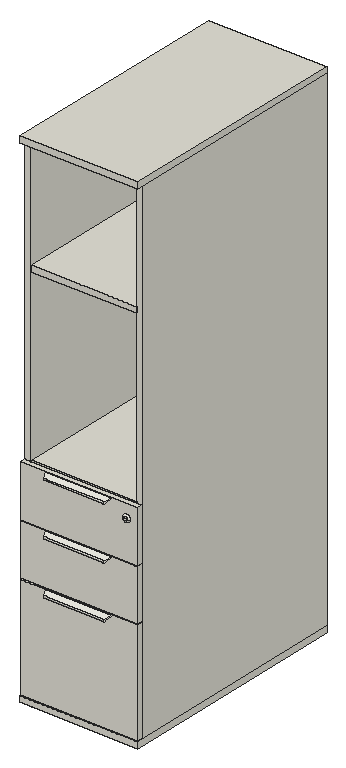
Revit family "Haworth_BeHold_PersonalStorageTower_FrontBookcase_15Wide", category Furniture Systems, Revit 2018
Family settings
  Round Connector Dimension = Use Diameter
  Part Type = Normal
  OmniClass Number = 23.40.70.14.64.21
  OmniClass Title = Systems Furniture
  Work Plane-Based = No
  Always vertical = Yes
  Cut with Voids When Loaded = No
  Shared = No
  Room Calculation Point = No
Parameters (values of type "B/B/F - 30d 65h - Inset Back")
  With Lock = yes
  Wing Pull Length = 8 5/16"  # constant formula
  Wing Pull = yes
  Warranty = "http://www.haworth.com/resources/product-info/warranties"
  URL - Product = "https://www.haworth.com/na/en/products/active-storage/be-hold.html"
  URL = "www.haworth.com"
  Trim Finish [instance] = Haworth _ Paint _ Smooth Plaster
  Total Drawer Height = Storage Height - Bottom Case Offset - Case Thickness - 1/4"  # 26 1/2"
  Top Thickness = 3/4"  # constant formula
  Top Drawer Height = if(Box Box File, Middle Drawer Height, Bottom Drawer Height)  # 6 9/16"
  Top Case Back Control = if(Proud Style, 0", 3/16")  # 3/16"
  Sustainability Info = "https://www.haworth.com/company-info/sustainability"
  Storage Height = 28"  # constant formula
  Standard Heights = "41, 49, 57, 65 in."  # constant formula
  Size = "Verify Final Dim. w/ Haworth"  # constant formula
  Side Case Back Control = if(Proud Style, Case Thickness, 0")  # 0"
  Shelf 2 Offset = if(Actual Height = 65", 49", if(Actual Height = 57", 41", 32 5/16"))  # 49"
  Shelf 2 Control = Actual Height > 41"  # yes
  Shelf 1 Offset = Storage Height - Bottom Case Offset - Case Thickness  # 26 3/4"
  Right Panel Finish [instance] = Haworth _ Laminate _ Beige H-34
  Right Panel Edge Finish [instance] = Haworth _ Laminate _ Beige H-34
  Revision Number = "1"  # constant formula
  Pull Finish [instance] = Haworth _ Paint _ Smooth Plaster
  Proud Style = not(Inset Style)  # no
  Model = "Haworth Be_Hold"  # constant formula
  Min. Width = 15"  # constant formula
  Min. Height = 41"  # constant formula
  Min. Depth = 18"  # constant formula
  Middle Drawer Height = (Total Drawer Height - Distance Between Drawer) / 4  # 6 9/16"
  Left Panel Finish [instance] = Haworth _ Laminate _ Beige H-34
  Left Panel Edge Finish [instance] = Haworth _ Laminate _ Beige H-34
  Height = 65"
  File File = no
  Bottom Drawer Offset = Bottom Case Offset + Case Thickness + 1/8"  # 1 3/8"
  Bottom Drawer Height = (Total Drawer Height - Distance Between Drawer) / 2  # 13 1/8"
  Back Case Back Control = if(Proud Style, 0", 3/16")  # 3/16"
  Actual Height = if(Height > Max. Height, Max. Height, if(Height < Min. Height, Min. Height, Height))  # 65"
  3 Drawer Control = Box Box File  # yes
  Max. Width = 15"  # constant formula
  Max. Depth = 30"  # constant formula
  Max. Height = 65"  # constant formula
  Manufacturer = "Haworth"  # constant formula
  Linear Pull Length = 7 1/2"  # constant formula
  Linear Pull = no
  Inset Style = yes
  Glide Finish = Haworth _ Polymer _ Slate
  Front Finish [instance] = Haworth _ Laminate _ Beige H-34
  Front Edge Finish [instance] = Haworth _ Laminate _ Beige H-34
  Drawer Width = Actual Width - 1/8"  # 14 7/8"
  Distance Between Drawer = if(Box Box File, 1/4", 1/8")  # 1/4"
  Description = "Haworth - Be_Hold - Personal Storage Tower - Front Bookcase"  # constant formula
  Depth = 30"
  Custom Size = not(and(or(Depth = 18", Depth = 24", Depth = 30"), or(Height = 41", Height = 49", Height = 57", Height = 65")))  # no
  Cresent Pull = no
  Classic Pull Length = 7 1/2"  # constant formula
  Classic Pull = no
  Case Thickness = 3/4"  # constant formula
  Case Finish [instance] = Haworth _ Laminate _ Beige H-34
  Case Edge Finish [instance] = Haworth _ Laminate _ Beige H-34
  Box Box File = not(File File)  # yes
  Bottom Case Offset = 1/2"  # constant formula
  Blade Pull Length = Drawer Width - 1/16"  # 14 13/16"
  Blade Pull = not(or(Cresent Pull, Linear Pull, Classic Pull, Wing Pull))  # no
  Back Case Side Control = if(Proud Style, 0", Case Thickness)  # 3/4"
  Author = "Haworth (Alias)"  # constant formula
  Assembly Code = "E2020200"
  Actual Width = 15"  # constant formula
  Actual Depth = if(Depth > Max. Depth, Max. Depth, if(Depth < Min. Depth, Min. Depth, Depth))  # 30"
  Standard Depths = "18, 24, 30 in."  # constant formula
Types (8): name | Top Drawer Height | Top Case Back Control | Side Case Back Control | Shelf 2 Offset | Shelf 2 Control | Proud Style | Middle Drawer Height | Height | File File | Bottom Drawer Height | Back Case Back Control | Actual Height | 3 Drawer Control | Inset Style | Distance Between Drawer | Depth | Box Box File | Back Case Side Control | Actual Depth
  B/B/F - 30d 65h - Inset Back | 6 9/16" | 3/16" | 0" | 49" | yes | no | 6 9/16" | 65" | no | 13 1/8" | 3/16" | 65" | yes | yes | 1/4" | 30" | yes | 3/4" | 30"
  B/B/F - 24d 57h - Inset Back | 6 9/16" | 3/16" | 0" | 41" | yes | no | 6 9/16" | 57" | no | 13 1/8" | 3/16" | 57" | yes | yes | 1/4" | 24" | yes | 3/4" | 24"
  B/B/F - 24d 49h - Inset Back | 6 9/16" | 3/16" | 0" | 32 5/16" | yes | no | 6 9/16" | 49" | no | 13 1/8" | 3/16" | 49" | yes | yes | 1/4" | 24" | yes | 3/4" | 24"
  B/B/F - 18d 41h - Inset Back | 6 9/16" | 3/16" | 0" | 32 5/16" | no | no | 6 9/16" | 41" | no | 13 1/8" | 3/16" | 41" | yes | yes | 1/4" | 18" | yes | 3/4" | 18"
  F/F - 30d 65h - Proud Back | 13 3/16" | 0" | 3/4" | 49" | yes | yes | 6 19/32" | 65" | yes | 13 3/16" | 0" | 65" | no | no | 1/8" | 30" | no | 0" | 30"
  F/F - 24d 57h - Proud Back | 13 3/16" | 0" | 3/4" | 41" | yes | yes | 6 19/32" | 57" | yes | 13 3/16" | 0" | 57" | no | no | 1/8" | 24" | no | 0" | 24"
  F/F - 24d 49h - Proud Back | 13 3/16" | 0" | 3/4" | 32 5/16" | yes | yes | 6 19/32" | 49" | yes | 13 3/16" | 0" | 49" | no | no | 1/8" | 24" | no | 0" | 24"
  F/F - 18d 41h - Proud Back | 13 3/16" | 0" | 3/4" | 32 5/16" | no | yes | 6 19/32" | 41" | yes | 13 3/16" | 0" | 41" | no | no | 1/8" | 18" | no | 0" | 18"
Reference planes (in)
  plane 1: z = 0
  plane 2 "Center L/R": x = -6.17556
  plane 3 "Center F/B": y = -14.5
  plane 4 "Top": z = 65
  plane 5 "Back": y = 0.5
  plane 6 "Front": y = -29.5
  plane 7 "Left": x = -13.67556
  plane 8 "Case Inside Left": x = -12.92556
  plane 9 "Case Inside Right": x = 0.57444
  plane 10 "Case Inside Back": y = -0.25
  plane 11 "Case Bottom": z = 0.5
  plane 12 "Case Inside Front": y = -28.75
  plane 13 "Inside Case Bottom": z = 1.25
  plane 14 "Inside Case Top": z = 64.25
  plane 15 "Top of Top Drawer": z = 27.875
  plane 16 "Bottom of Bottom Drawer": z = 1.375
  plane 17 "Right": x = 1.32444
  plane 18 "Top of Storage": z = 28
  plane 19 "Shelf 1 Top": z = 28
  plane 20 "Shelf 1 Bottom": z = 27.25
  plane 21 "Shelf 2 Top": z = 50.25
  plane 22 "Shelf 2 Bottom": z = 49.5
Forms (in)
  Sweep 1, solid, material "Haworth _ Polymer _ Slate" <- "Glide Finish"
    path origin (-12.92556, 0, 0) x (0, 1, 0) y (0, 0, 1)
      loop
        line (-28.75, 0.5) -> (-28.75, 0)
    profile origin (-12.92556, -28.75, 0.25) x (1, 0, 0) y (0, 1, 0)
      loop
        line (0, 2.00197) -> (0, 0.25)
        arc (0, 0.25) -> (0.07322, 0.07322) -> (0.25, 0) r 0.25
        line (0.25, 0) -> (2.00197, 0)
        arc (2.00197, 0) -> (2.17875, 0.07322) -> (2.25197, 0.25) r 0.25
        line (2.25197, 0.25) -> (2.25197, 0.70079) -> (0.70079, 2.25197) -> (0.25, 2.25197)
        arc (0.25, 2.25197) -> (0.07322, 2.17875) -> (0, 2.00197) r 0.25
  Sweep 2, solid, material "Haworth _ Polymer _ Slate" <- "Glide Finish"
    path origin (-12.92556, -23, 0) x (0, -1, 0) y (0, 0, 1)
      loop
        line (-22.75, 0.5) -> (-22.75, 0)
    profile origin (-12.92556, -0.25, 0.25) x (1, 0, 0) y (0, 1, 0)
      loop
        arc (0, -2.00197) -> (0.07322, -2.17875) -> (0.25, -2.25197) r 0.25
        line (0.25, -2.25197) -> (0.70079, -2.25197) -> (2.25197, -0.70079) -> (2.25197, -0.25)
        arc (2.25197, -0.25) -> (2.17875, -0.07322) -> (2.00197, 0) r 0.25
        line (2.00197, 0) -> (0.25, 0)
        arc (0.25, 0) -> (0.07322, -0.07322) -> (0, -0.25) r 0.25
        line (0, -0.25) -> (0, -2.00197)
  Sweep 3, solid, material "Haworth _ Polymer _ Slate" <- "Glide Finish"
    path origin (0.57444, 0, 0) x (0, -1, 0) y (0, 0, 1)
      loop
        line (28.75, 0.5) -> (28.75, 0)
    profile origin (0.57444, -28.75, 0.25) x (-1, 0, 0) y (0, -1, 0)
      loop
        arc (0, -2.00197) -> (0.07322, -2.17875) -> (0.25, -2.25197) r 0.25
        line (0.25, -2.25197) -> (0.70079, -2.25197) -> (2.25197, -0.70079) -> (2.25197, -0.25)
        arc (2.25197, -0.25) -> (2.17875, -0.07322) -> (2.00197, 0) r 0.25
        line (2.00197, 0) -> (0.25, 0)
        arc (0.25, 0) -> (0.07322, -0.07322) -> (0, -0.25) r 0.25
        line (0, -0.25) -> (0, -2.00197)
  Sweep 4, solid, material "Haworth _ Polymer _ Slate" <- "Glide Finish"
    path origin (0.57444, 0, 0) x (0, -1, 0) y (0, 0, 1)
      loop
        line (0.25, 0.5) -> (0.25, 0)
    profile origin (0.57444, -0.25, 0.25) x (-1, 0, 0) y (0, -1, 0)
      loop
        line (0, 2.00197) -> (0, 0.25)
        arc (0, 0.25) -> (0.07322, 0.07322) -> (0.25, 0) r 0.25
        line (0.25, 0) -> (2.00197, 0)
        arc (2.00197, 0) -> (2.17875, 0.07322) -> (2.25197, 0.25) r 0.25
        line (2.25197, 0.25) -> (2.25197, 0.70079) -> (0.70079, 2.25197) -> (0.25, 2.25197)
        arc (0.25, 2.25197) -> (0.07322, 2.17875) -> (0, 2.00197) r 0.25
  Extrusion 5, solid, material "Haworth _ Laminate _ Beige H-34" <- "Case Finish"
    sketch origin (0, 0, 0) x (1, 0, 0) y (0, 1, 0)
      loop
        line (-13.67556, 0.5) -> (-13.67556, -29.5) -> (1.32444, -29.5) -> (1.32444, 0.5) -> (-13.67556, 0.5)
    from 0.5 to 1.25
  Sweep 6, solid, material "Haworth _ Laminate _ Beige H-34" <- "Left Panel Finish"
    path origin (0, 0, 0.5) x (0, -1, 0) y (1, 0, 0)
      loop
        line (29.5, -13.67556) -> (29.5, -12.92556)
    profile origin (-13.30056, -29.5, 0.5) x (0, 1, 0) y (0, 0, 1)
      loop
        line (0.75, 63.75) -> (0.75, 0.75) -> (30, 0.75) -> (30, 63.75) -> (0.75, 63.75)
  Sweep 7, solid, material "Haworth _ Laminate _ Beige H-34" <- "Right Panel Finish"
    path origin (-12.35111, 0, 0.5) x (0, -1, 0) y (-1, 0, 0)
      loop
        line (29.5, -13.67556) -> (29.5, -12.92556)
    profile origin (0.94944, -29.5, 0.5) x (0, -1, 0) y (0, 0, 1)
      loop
        line (-0.75, 63.75) -> (-30, 63.75) -> (-30, 0.75) -> (-0.75, 0.75) -> (-0.75, 63.75)
  Sweep 8, solid, material "Haworth _ Laminate _ Beige H-34" <- "Case Finish"
    path origin (0, 0, 0.5) x (0, -1, 0) y (1, 0, 0)
      loop
        line (0.4375, -6.17556) -> (-0.3125, -6.17556)
    profile origin (-6.17556, -0.0625, 0.5) x (-1, 0, 0) y (0, 0, 1)
      loop
        line (-6.75, 0.75) -> (6.75, 0.75) -> (6.75, 63.75) -> (-6.75, 63.75) -> (-6.75, 0.75)
  Extrusion 9, solid, material "Haworth _ Laminate _ Beige H-34" <- "Case Finish"
    sketch origin (0, 0, 0.5) x (0, -1, 0) y (1, 0, 0)
      loop
        line (-0.5, -13.67556) -> (29.5, -13.67556) -> (29.5, 1.32444) -> (-0.5, 1.32444) -> (-0.5, -13.67556)
    from 63.75 to 64.5
  Extrusion 10, solid, material "Haworth _ Laminate _ Beige H-34" <- "Case Finish"
    sketch origin (0, 0, 0) x (1, 0, 0) y (0, 1, 0)
      loop
        line (-12.92556, -0.4375) -> (-12.92556, -28.75) -> (0.57444, -28.75) -> (0.57444, -0.4375) -> (-12.92556, -0.4375)
    from 27.25 to 28
  Extrusion 11, solid, material "Haworth _ Laminate _ Beige H-34" <- "Case Finish", visible <- "Shelf 2 Control"
    sketch origin (0, 0, 0) x (1, 0, 0) y (0, 1, 0)
      loop
        line (-12.92556, -0.4375) -> (-12.92556, -28.75) -> (0.57444, -28.75) -> (0.57444, -0.4375) -> (-12.92556, -0.4375)
    from 49.5 to 50.25
Lines and regions (in)
  Masking region 1
    outline origin (0, 0, 64.25) x (0, -1, 0) y (1, 0, 0)
      loop
        line (-0.5, -13.67556) -> (29.5, -13.67556) -> (29.5, 1.32444) -> (-0.5, 1.32444) -> (-0.5, -13.67556)
  symbolic lines, style "FurnitureSystemsHiddenLines", detail levels medium+fine
    curve 1: line (-13.67556, -28.75, 64.25) -> (1.32444, -28.75, 64.25)
  symbolic lines, detail levels medium+fine
    curve 2: line (-6.17556, -30.36305, 0) -> (-6.17556, -37.86305, 0)
    curve 3: line (-6.17556, -37.86305, 0) -> (-4.76134, -36.44884, 0)
    curve 4: line (-6.17556, -37.86305, 0) -> (-7.58977, -36.44884, 0)
Dimensions and locks (in)
  equal spacing: plane 5 "Back", plane 3 "Center F/B", plane 6 "Front"
  "Actual Depth": plane 5 "Back" to plane 6 "Front"
  "Case Thickness": plane 8 "Case Inside Left" to plane 7 "Left"
  "Bottom Case Offset": plane 11 "Case Bottom" to plane 1
  "Case Thickness": plane 10 "Case Inside Back" to plane 5 "Back"
  "Case Thickness": plane 6 "Front" to plane 12 "Case Inside Front"
  locked: Sweep 1 sketch curve to plane 11 "Case Bottom" at 0.5
  locked: Sweep 2 sketch curve to plane 11 "Case Bottom" at 0.5
  locked: Sweep 4 sketch curve to plane 11 "Case Bottom" at 0.5
  locked: Sweep 3 sketch curve to plane 11 "Case Bottom" at 0.5
  "Case Thickness": plane 13 "Inside Case Bottom" to plane 11 "Case Bottom"
  "Top Thickness": plane 4 "Top" to plane 14 "Inside Case Top"
  "Side Case Back Control": Sweep 6 sketch curve to plane 5 "Back"
  "Side Case Back Control": Sweep 7 sketch curve to plane 5 "Back"
  "Back Case Side Control": Sweep 8 sketch curve to plane 7 "Left"
  locked: plane 16 "Bottom of Bottom Drawer" to plane 13 "Inside Case Bottom" at 0.125
  locked: nested 2 to nested 1 at 0.125
  "Case Thickness": Sweep 8 sketch curve to Sweep 8 sketch curve
  "Back Case Back Control": plane 5 "Back" to Sweep 8 sketch curve
  equal spacing: plane 7 "Left", plane 2 "Center L/R", plane 17 "Right"
  "Actual Width": plane 7 "Left" to plane 17 "Right"
  "Case Thickness": plane 9 "Case Inside Right" to plane 17 "Right"
  locked: plane 18 "Top of Storage" to plane 15 "Top of Top Drawer" at 0.125
  "Storage Height": plane 18 "Top of Storage" to plane 1
  "Actual Height": plane 4 "Top" to plane 1
  "Back Case Side Control": Sweep 8 sketch curve to plane 17 "Right"
  "Case Thickness": plane 22 "Shelf 2 Bottom" to plane 21 "Shelf 2 Top"
  "Case Thickness": plane 20 "Shelf 1 Bottom" to plane 19 "Shelf 1 Top"
  "Shelf 2 Offset": plane 21 "Shelf 2 Top" to plane 13 "Inside Case Bottom"
  "Shelf 1 Offset": plane 19 "Shelf 1 Top" to plane 13 "Inside Case Bottom"
  "Top Case Back Control": Extrusion 10 sketch curve to plane 10 "Case Inside Back"
  "Top Case Back Control": Extrusion 11 sketch curve to plane 10 "Case Inside Back"
  aligned and locked: Sweep 1 sketch curve to plane 12 "Case Inside Front"
  aligned and locked: plane 11 "Case Bottom" to Sweep 1 sketch curve
  aligned and locked: plane 10 "Case Inside Back" to Sweep 2 sketch curve
  aligned and locked: plane 11 "Case Bottom" to Sweep 2 sketch curve
  aligned and locked: plane 10 "Case Inside Back" to Sweep 4 sketch curve
  aligned and locked: plane 11 "Case Bottom" to Sweep 4 sketch curve
  aligned and locked: Sweep 3 sketch curve to plane 12 "Case Inside Front"
  aligned and locked: plane 11 "Case Bottom" to Sweep 3 sketch curve
  aligned and locked: Extrusion 5 sketch curve to plane 5 "Back"
  aligned and locked: plane 7 "Left" to Extrusion 5 sketch curve
  aligned and locked: plane 6 "Front" to Extrusion 5 sketch curve
  aligned and locked: plane 11 "Case Bottom" to Extrusion 5
  aligned and locked: plane 13 "Inside Case Bottom" to Extrusion 5
  aligned and locked: plane 7 "Left" to Sweep 6 sketch curve
  aligned and locked: plane 8 "Case Inside Left" to Sweep 6 sketch curve
  aligned and locked: Sweep 6 sketch curve to plane 6 "Front"
  aligned and locked: plane 13 "Inside Case Bottom" to Sweep 6 sketch curve
  aligned and locked: plane 6 "Front" to Sweep 7 sketch curve
  aligned and locked: plane 9 "Case Inside Right" to Sweep 7 sketch curve
  aligned and locked: plane 13 "Inside Case Bottom" to Sweep 7 sketch curve
  aligned and locked: plane 2 "Center L/R" to Sweep 8 sketch curve
  aligned and locked: Sweep 8 sketch curve to plane 13 "Inside Case Bottom"
  aligned and locked: plane 4 "Top" to Extrusion 9
  aligned and locked: plane 14 "Inside Case Top" to Extrusion 9
  aligned and locked: Masking region 1 sketch curve to plane 5 "Back"
  aligned and locked: plane 7 "Left" to Masking region 1 sketch curve
  aligned and locked: plane 6 "Front" to Masking region 1 sketch curve
  aligned and locked: curve 1 to plane 12 "Case Inside Front"
  aligned and locked: plane 12 "Case Inside Front" to Sweep 7 sketch curve
  aligned and locked: plane 12 "Case Inside Front" to Sweep 6 sketch curve
  aligned and locked: nested 3 to plane 15 "Top of Top Drawer"
  aligned and locked: plane 6 "Front" to nested 1
  aligned and locked: plane 6 "Front" to nested 2
  aligned and locked: plane 6 "Front" to nested 3
  aligned and locked: plane 2 "Center L/R" to nested 3
  aligned and locked: plane 2 "Center L/R" to nested 2
  aligned and locked: plane 2 "Center L/R" to nested 1
  aligned and locked: plane 17 "Right" to Sweep 7 sketch curve
  aligned and locked: plane 14 "Inside Case Top" to Sweep 7 sketch curve
  aligned and locked: plane 14 "Inside Case Top" to Sweep 6 sketch curve
  aligned and locked: plane 6 "Front" to Extrusion 9 sketch curve
  aligned and locked: plane 17 "Right" to Extrusion 9 sketch curve
  aligned and locked: plane 7 "Left" to Extrusion 9 sketch curve
  aligned and locked: Extrusion 9 sketch curve to plane 5 "Back"
  aligned and locked: plane 14 "Inside Case Top" to Sweep 8 sketch curve
  aligned and locked: plane 9 "Case Inside Right" to Extrusion 10 sketch curve
  aligned and locked: plane 12 "Case Inside Front" to Extrusion 10 sketch curve
  aligned and locked: plane 8 "Case Inside Left" to Extrusion 10 sketch curve
  aligned and locked: plane 20 "Shelf 1 Bottom" to Extrusion 10
  aligned and locked: plane 19 "Shelf 1 Top" to Extrusion 10
  aligned and locked: plane 9 "Case Inside Right" to Extrusion 11 sketch curve
  aligned and locked: plane 8 "Case Inside Left" to Extrusion 11 sketch curve
  aligned and locked: plane 12 "Case Inside Front" to Extrusion 11 sketch curve
  aligned and locked: plane 21 "Shelf 2 Top" to Extrusion 11
  aligned and locked: plane 22 "Shelf 2 Bottom" to Extrusion 11
  aligned and locked: plane 17 "Right" to Extrusion 5 sketch curve
  aligned and locked: plane 17 "Right" to Masking region 1 sketch curve
Automatic sketch dimensions
  Sweep 1 sketch curve to plane 8 "Case Inside Left" = 0"
  profile plane to Sweep 1 sketch curve = 0"
  Sweep 1 sketch curve to Sweep 1 sketch curve = 1/4"  (x2)
  Sweep 1 sketch curve to Sweep 1 sketch curve = 0.45079"  (x2)
  Sweep 1 sketch curve to profile plane = 1/4"
  Sweep 1 sketch curve to Sweep 1 sketch curve = 1.75197"  (x2)
  Sweep 2 sketch curve to plane 8 "Case Inside Left" = 0"
  profile plane to Sweep 2 sketch curve = 0"
  Sweep 2 sketch curve to Sweep 2 sketch curve = 1/4"  (x2)
  Sweep 2 sketch curve to Sweep 2 sketch curve = 0.45079"  (x2)
  profile plane to Sweep 2 sketch curve = 1/4"
  Sweep 2 sketch curve to Sweep 2 sketch curve = 1.75197"  (x2)
  Sweep 3 sketch curve to plane 9 "Case Inside Right" = 0"
  Sweep 3 sketch curve to profile plane = 0"
  Sweep 3 sketch curve to Sweep 3 sketch curve = 1/4"  (x2)
  Sweep 3 sketch curve to Sweep 3 sketch curve = 0.45079"  (x2)
  profile plane to Sweep 3 sketch curve = 1/4"
  Sweep 3 sketch curve to Sweep 3 sketch curve = 1.75197"  (x2)
  Sweep 4 sketch curve to plane 9 "Case Inside Right" = 0"
  Sweep 4 sketch curve to profile plane = 0"
  plane 9 "Case Inside Right" to Sweep 4 sketch curve = 1/4"  (x2)
  Sweep 4 sketch curve to Sweep 4 sketch curve = 0.45079"  (x2)
  Sweep 4 sketch curve to profile plane = 1/4"
  Sweep 4 sketch curve to Sweep 4 sketch curve = 1.75197"  (x2)
  curve 1 to plane 7 "Left" = 0"
  curve 1 to plane 17 "Right" = 0"
  curve 4 to plane 2 "Center L/R" = 0"
  curve 2 to plane 6 "Front" = 8.36305"
  curve 4 to plane 2 "Center L/R" = 1.41421"
  curve 2 to curve 3 = 1.41421"
  curve 4 to curve 4 = 1.41421"
  curve 2 to plane 6 "Front" = 0.86305"
Nested families (in)
  nested 1: "Haworth_BeHold_Drawer_PART" at (-6.17556, -28.36287, 1.375), Drawer Height <- "Bottom Drawer Height", built-in parameter 1001364 <- "Bottom Drawer Offset", type "Haworth_Drawer - Without Lock"
    with Pull Height 13 1/8", Drawer Height 13 1/8", With Lock no, Wing Pull Length 8 5/16", Drawer Width 14 7/8", Classic Pull Length 7 1/2", Blade Pull Length 14 13/16", Linear Pull Length 7 1/2"
  nested 2: "Haworth_BeHold_Drawer_PART" at (-6.17556, -28.36287, 14.625), Drawer Height <- "Middle Drawer Height", visible <- "3 Drawer Control", type "Haworth_Drawer - Without Lock"
    with Pull Height 6 9/16", Drawer Height 6 9/16", With Lock no, Wing Pull Length 8 5/16", Drawer Width 14 7/8", Classic Pull Length 7 1/2", Blade Pull Length 14 13/16", Linear Pull Length 7 1/2"
  nested 3: "Haworth_BeHold_Drawer_PART" at (-6.17556, -28.36287, 21.3125), Drawer Height <- "Top Drawer Height", type "Haworth_Drawer"
    with Pull Height 6 9/16", Drawer Height 6 9/16", Wing Pull Length 8 5/16", Drawer Width 14 7/8", Classic Pull Length 7 1/2", Blade Pull Length 14 13/16", Linear Pull Length 7 1/2"
Definition of nested family "Haworth_BeHold_Drawer_PART"
  Parameters (values of type "Haworth_Drawer")
    With Lock = yes
    Wing Pull Length = 6 1/2"
    Wing Pull = yes
    Warranty = "http://www.haworth.com/resources/product-info/warranties"
    URL - Product = ""
    URL = "www.haworth.com"
    Trim Finish = none
    Revision Number = "1"  # constant formula
    Pull Height [instance] = if(or(Wing Pull, Blade Pull), Drawer Height, Drawer Height - 1 21/32")  # 12"
    Pull Finish = none
    Note = "Verify Final Dim. w/ Haworth"  # constant formula
    Model = "Haworth Be_Hold"  # constant formula
    Manufacturer = "Haworth"  # constant formula
    Lock Offset Top = 1 21/32"  # constant formula
    Lock Offset Side = 1 3/8"  # constant formula
    Linear Pull = no
    Front Finish = none
    Front Edge Finish = none
    Drawer Width = 15 1/2"
    Drawer Height [instance] = 12"
    Description = "Haworth - Be_Hold - Drawer"
    Cresent Pull = no
    Classic Pull Length = 6 3/4"
    Classic Pull = no
    Blade Pull Length = 15 7/16"
    Blade Pull = no
    Linear Pull Length = 8"
    Author = "Haworth (Alias)"  # constant formula
    Assembly Code = ""
  Reference planes (in)
    plane 1 "Drawer Back": y = -0.26213
    plane 2: z = 0
    plane 3 "Center L/R": x = 0
    plane 4 "Drawer Front": y = -1.13713
    plane 5 "Left": x = -7.75
    plane 6 "Right": x = 7.75
    plane 7 "Top": z = 12
    plane 8 "Hardware Start": y = -0.38713
    plane 9 "Lock Side": x = 6.375
    plane 10 "Lock Horizontal": z = 10.34375
  Forms (in)
    Extrusion 1, solid, material <- "Front Finish"
      sketch origin (0, -1.13713, 0) x (-1, 0, 0) y (0, 0, 1)
        loop
          line (-7.75, 12) -> (-7.75, 0) -> (7.75, 0) -> (7.75, 12) -> (-7.75, 12)
      from 0 to 0.75
    Revolve 2, solid, material <- "Trim Finish", visible <- "With Lock"
      sketch origin (0, 0, 10.34375) x (-1, 0, 0) y (0, -1, 0)
        loop
          line (-6.375, 1.13713) -> (-6.375, 1.2621) -> (-6.68756, 1.2621)
          arc (-6.68756, 1.2621) -> (-6.77593, 1.2255) -> (-6.81253, 1.13713) r 0.12497
          line (-6.81253, 1.13713) -> (-6.375, 1.13713)
        axis (-6.375, 1.13713) -> (-6.375, 1.2621)
      angle from 0 to 360
  Lines and regions (in)
    Masking region 1
      outline origin (0, 0, 10.34375) x (-1, 0, 0) y (0, -1, 0)
        loop
          line (7.75, 0.38713) -> (7.75, 1.13713) -> (-7.75, 1.13713) -> (-7.75, 0.38713) -> (7.75, 0.38713)
  Dimensions and locks (in)
    equal spacing: plane 5 "Left", plane 3 "Center L/R", plane 6 "Right"
    "Drawer Width": plane 5 "Left" to plane 6 "Right"
    "Drawer Height": plane 7 "Top" to level
    locked: plane 1 "Drawer Back" to plane 8 "Hardware Start" at 0.125
    plane 4 "Drawer Front" to plane 1 "Drawer Back" = 7/8"
    plane 4 "Drawer Front" to plane 8 "Hardware Start" = 3/4"
    "Lock Offset Side": plane 9 "Lock Side" to plane 6 "Right"
    "Lock Offset Top": plane 7 "Top" to plane 10 "Lock Horizontal"
    locked: Revolve 2 sketch curve to plane 4 "Drawer Front" at 0.12497
    locked: plane 9 "Lock Side" to Revolve 2 sketch curve at 0.43753
    aligned and locked: Extrusion 1 sketch curve to plane 6 "Right"
    aligned and locked: plane 7 "Top" to Extrusion 1 sketch curve
    aligned and locked: Extrusion 1 sketch curve to plane 5 "Left"
    aligned and locked: Extrusion 1 sketch curve to plane 2
    aligned and locked: Extrusion 1 to plane 8 "Hardware Start"
    aligned and locked: Extrusion 1 to plane 4 "Drawer Front"
    aligned and locked: plane 9 "Lock Side" to Revolve 2 sketch curve  (x2)
    aligned and locked: Revolve 2 sketch curve to plane 4 "Drawer Front"
    aligned and locked: plane 3 "Center L/R" to nested 1
    aligned and locked: nested 1 to plane 4 "Drawer Front"
    aligned and locked: plane 6 "Right" to Masking region 1 sketch curve
    aligned and locked: plane 8 "Hardware Start" to Masking region 1 sketch curve
    aligned and locked: plane 4 "Drawer Front" to Masking region 1 sketch curve
    aligned and locked: plane 5 "Left" to Masking region 1 sketch curve
  Automatic sketch dimensions
    plane 8 "Hardware Start" to Revolve 2 sketch curve = 0.19925"
    Revolve 2 sketch curve to Revolve 2 sketch curve = 0.41501"
  Nested families (in)
    nested 1: "Haworth_Drawer-Pulls_PART" at (0, -1.13713, 12), built-in parameter 1001364 <- "Pull Height", type "Pull"
      with Wing yes, Linear no
  Definition of nested family "Haworth_Drawer-Pulls_PART"
    Parameters (values of type "Pull")
      Wing Pull Length = 6 1/2"
      Wing = no
      Warranty = "https://www.haworth.com/resources/product-info/warranties"
      URL = "https://www.haworth.com"
      Trim Finish = none
      Revision Number = "1"  # constant formula
      Model = "Haworth Be_Hold"  # constant formula
      Manufacturer = "Haworth"  # constant formula
      Linear Pull Length = 8"
      Linear = yes
      Description = "Haworth - Be_Hold - Pull Part"
      Cresent = no
      Classic Pull Length = 6 3/4"
      Classic = no
      Blade Pull Length = 15 7/16"
      Blade = no
      Author = "Haworth (Alias)"  # constant formula
      Assembly Code = ""
    Reference planes (in)
      plane 1 "Center Front/Back": y = 0
      plane 2: z = 0
      plane 3 "Center Left/Right": x = 0
      plane 4 "Classic Left": x = -3.375
      plane 5 "Classic Right": x = 3.375
      plane 6 "Linear Left": x = -4
      plane 7 "Linear Right": x = 4
      plane 8 "Wing Right": x = 3.25001
      plane 9 "Wing Left": x = -3.25001
      plane 10 "Blade Left": x = -7.71875
      plane 11 "Blade Right": x = 7.71875
    Forms (in)
      Extrusion 1, solid, material <- "Trim Finish", visible <- "Linear"
        sketch origin (0, 0, 0.125) x (1, 0, 0) y (0, 1, 0)
          loop
            line (-4, 0) -> (-4, -1.25) -> (4, -1.25) -> (4, 0) -> (3, 0) -> (3, -1) -> (-3, -1) -> (-3, 0) -> (-4, 0)
        from 0 to -0.25
      Extrusion 2, solid, material <- "Trim Finish", visible <- "Classic"
        sketch origin (0, 0, 0.375) x (1, 0, 0) y (0, 0, 1)
          loop
            line (-3.375, 0) -> (-3.375, -0.75)
            arc (-3.375, -0.75) -> (-3, -0.375) -> (-3.375, 0) r 0.375
        from 0 to 1
      Extrusion 3, solid, material <- "Trim Finish", visible <- "Classic"
        sketch origin (0, 0, 0.375) x (-1, 0, 0) y (0, 0, -1)
          loop
            arc (-3.375, 0.00132) -> (-3.00132, 0.375) -> (-3.375, 0.74868) r 0.37368
            line (-3.375, 0.74868) -> (-3.375, 0.00132)
        from 0 to 1
      Extrusion 4, solid, material <- "Trim Finish", visible <- "Classic"
        sketch origin (0, 0, 0.375) x (1, 0, 0) y (0, 0, 1)
          loop
            line (-3.375, 0) -> (-3.375, -0.75) -> (3.375, -0.75) -> (3.375, 0) -> (-3.375, 0)
        from 1 to 1.25
      Sweep 5, solid, material <- "Trim Finish", visible <- "Cresent"
        path origin (0, 0, 0) x (1, 0, 0) y (0, 1, 0)
          loop
            arc (-3.75002, 0) -> (-0.00002, -1.25) -> (3.74998, 0) r 6.25
        profile origin (-0.00002, -1.25, 0) x (0, 1, 0) y (0, 0, 1)
          loop
            circle (0.125, 0) r 0.125
      Sweep 6, solid, material <- "Trim Finish", visible <- "Wing"
        path origin (0, 0, 0) x (1, 0, 0) y (0, 1, 0)
          loop
            line (3.25001, 0) -> (-3.25001, 0)
        profile origin (0, 0, 0) x (0, -1, 0) y (0, 0, 1)
          loop
            line (0, -0.055) -> (0.7144, -0.45418)
            arc (0.7144, -0.45418) -> (0.85453, -0.40762) -> (0.79557, -0.27225) r 0.10001
            line (0.79557, -0.27225) -> (0, 0) -> (0, -0.055)
      Extrusion 7, void
        sketch origin (0, 0, 0) x (1, 0, 0) y (0, 1, 0)
          loop
            line (-3.25001, 0) -> (-3.25001, -0.92709) -> (-2.91255, -0.92709) -> (-3.25001, 0)
          loop
            line (3.25001, 0) -> (2.91255, -0.92709) -> (3.25001, -0.92709) -> (3.25001, 0)
        from -1 to 0.5
      Sweep 8, solid, material <- "Trim Finish", visible <- "Blade"
        path origin (0, 0, 0) x (1, 0, 0) y (0, 0, 1)
          loop
            line (0, 0) -> (0, 0.09375)
        profile origin (0, 0, 0.04687) x (-1, 0, 0) y (0, -1, 0)
          loop
            line (7.71875, -0.75) -> (7.71875, 0.40579)
            arc (7.71875, 0.40579) -> (7.682, 0.4945) -> (7.59329, 0.53125) r 0.12546
            line (7.59329, 0.53125) -> (-7.59361, 0.53125)
            arc (-7.59361, 0.53125) -> (-7.6821, 0.4946) -> (-7.71875, 0.40611) r 0.12514
            line (-7.71875, 0.40611) -> (-7.71875, -0.75) -> (7.71875, -0.75)
    Cuts and joins
      Extrusion 7 cuts Extrusion 4
      joined: Extrusion 2, Extrusion 3, Extrusion 4
      Extrusion 7 cuts Sweep 6
    Lines and regions (in)
      symbolic lines, detail levels fine
        curve 1: line (-4, 0, 0) -> (4, 0, 0)
    Dimensions and locks (in)
      equal spacing: plane 4 "Classic Left", plane 3 "Center Left/Right", plane 5 "Classic Right"
      "Classic Pull Length": plane 4 "Classic Left" to plane 5 "Classic Right"
      locked: Extrusion 1 sketch curve to Extrusion 1 sketch curve at 1  (x2)
      equal spacing: plane 6 "Linear Left", plane 3 "Center Left/Right", plane 7 "Linear Right"
      "Linear Pull Length": plane 6 "Linear Left" to plane 7 "Linear Right"
      locked: profile plane to Sweep 5 sketch curve at 0.125
      locked: plane 9 "Wing Left" to Extrusion 7 sketch curve at 0.33745
      locked: Extrusion 7 sketch curve to plane 1 "Center Front/Back" at 0.92709
      locked: plane 1 "Center Front/Back" to Extrusion 7 sketch curve at 0.92709
      Extrusion 7 sketch curve to plane 8 "Wing Right" = 0.33745"
      equal spacing: plane 11 "Blade Right", plane 3 "Center Left/Right", plane 10 "Blade Left"
      "Blade Pull Length": plane 11 "Blade Right" to plane 10 "Blade Left"
      locked: Sweep 8 sketch curve to plane 2 at 0.09375
      locked: Sweep 8 sketch curve to plane 1 "Center Front/Back" at 0.75
      locked: Sweep 8 sketch curve to plane 1 "Center Front/Back" at 0.53125
      equal spacing: plane 8 "Wing Right", plane 3 "Center Left/Right", plane 9 "Wing Left"
      "Wing Pull Length": plane 8 "Wing Right" to plane 9 "Wing Left"
      aligned and locked: plane 4 "Classic Left" to Extrusion 4 sketch curve
      aligned and locked: plane 5 "Classic Right" to Extrusion 4 sketch curve
      aligned and locked: plane 5 "Classic Right" to Extrusion 3 sketch curve
      aligned and locked: Extrusion 2 sketch curve to plane 4 "Classic Left"
      aligned and locked: Extrusion 1 sketch curve to plane 7 "Linear Right"
      aligned and locked: Extrusion 1 sketch curve to plane 6 "Linear Left"
      aligned and locked: plane 2 to Sweep 5 sketch curve
      aligned and locked: profile plane to plane 2
      aligned and locked: Sweep 6 sketch curve to plane 1 "Center Front/Back"
      aligned and locked: plane 8 "Wing Right" to Sweep 6 sketch curve
      aligned and locked: plane 9 "Wing Left" to Sweep 6 sketch curve
      aligned and locked: Extrusion 7 sketch curve to plane 9 "Wing Left"
      aligned and locked: Extrusion 7 sketch curve to plane 8 "Wing Right"
      aligned and locked: plane 2 to Sweep 8 sketch curve
      aligned and locked: Sweep 8 sketch curve to plane 10 "Blade Left"
      aligned and locked: Sweep 8 sketch curve to plane 11 "Blade Right"
      aligned and locked: plane 1 "Center Front/Back" to curve 1
      aligned and locked: plane 7 "Linear Right" to curve 1
      aligned and locked: plane 6 "Linear Left" to curve 1
    Automatic sketch dimensions
      Extrusion 2 sketch curve to level = 0"
      Extrusion 2 sketch curve to level = 3/8"
      Extrusion 3 sketch curve to level = 0"
      level to Extrusion 3 sketch curve = 0.37368"
      Extrusion 4 sketch curve to level = 3/8"
      level to Extrusion 4 sketch curve = 3/8"
      plane 1 "Center Front/Back" to Extrusion 1 sketch curve = 0"  (x2)
      plane 1 "Center Front/Back" to Extrusion 1 sketch curve = 1"
      Extrusion 1 sketch curve to Extrusion 1 sketch curve = 1/4"
      plane 1 "Center Front/Back" to Sweep 5 sketch curve = 0"  (x2)
      Sweep 5 sketch curve to plane 3 "Center Left/Right" = 0.00002"
      Sweep 5 sketch curve to plane 1 "Center Front/Back" = 5"
      Sweep 5 sketch curve to plane 6 "Linear Left" = 0.24998"
      Sweep 6 sketch curve to profile plane = 0"
      Sweep 6 sketch curve to profile plane = 0.7144"
      Sweep 6 sketch curve to Sweep 6 sketch curve = 0.04879"
      Sweep 6 sketch curve to Sweep 6 sketch curve = 0.03238"
      Sweep 6 sketch curve to level = 0.45418"
      Sweep 6 sketch curve to Sweep 6 sketch curve = 0.08731"
      Sweep 6 sketch curve to Sweep 6 sketch curve = 0.27225"
      Sweep 6 sketch curve to Sweep 6 sketch curve = 0.055"
      plane 1 "Center Front/Back" to Extrusion 7 sketch curve = 0"  (x2)
      Sweep 8 sketch curve to plane 3 "Center Left/Right" = 0"
      Sweep 8 sketch curve to Sweep 8 sketch curve = 0.12514"
      Sweep 8 sketch curve to Sweep 8 sketch curve = 0.12546"
      radius of Sweep 5 sketch curve = 1/8"
